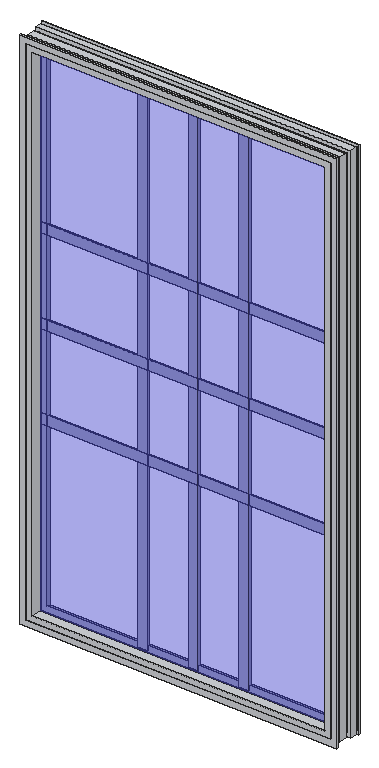
Revit family "3250 Steel Replica_Fixed", category Windows, host Wall, Revit 2023
Family settings
  Host = Wall
  OmniClass Number = 23.30.20.00
  OmniClass Title = Windows
  Always vertical = Yes
  Cut with Voids When Loaded = No
  Shared = No
  Room Calculation Point = No
Parameters
  Vertical Member Length = Height - 0' 1 5/8"  # 4' - 10 3/8"
  Vertical Member Array Vis = yes
  Vertical Member Array = 2
  Single Vertical Member Vis = yes
  Single Horizontal Member Vis = yes
  Rough Width = 3' - 0"
  Keep Horiztonal Member Mid = ((Height - 0' 1 5/8") / 2) - 0' 0 1/8"  # 2' - 5 1/16"
  Horizontal Member Length = Width - 0' 1 5/8"  # 2' - 10 3/8"
  Horizontal Member Array Vis = yes
  Horizontal Member Array = 2
  Height = 5' - 0"
  Glass Material = Glass
  Frame Material = none
  Equal Bay Width = (Width - (Vertical Member Array * 0' 0 1/4") - 0' 1 5/8") / (Vertical Member Array + 1)  # 0' - 11.29167"
  Equal Bay Height = (Height - (Horizontal Member Array * 0' 0 1/4") - 0' 1 5/8") / (Horizontal Member Array + 1)  # 1' - 7.29167"
  Depth From Exterior = 0' - 2"
  Default Sill Height = 3' - 0"
  Wall Closure = By host
  Width = 3' - 0"
Reference planes (in)
  plane 1 "Center (Front/Back)": y = 0
  plane 2: z = 0
  plane 3 "Center (Left/Right)": x = 0
  plane 4 "Left": x = -18
  plane 5 "Right": x = 18
  plane 6 "Sill": z = 36
  plane 7 "Top": z = 96
  plane 8: y = 3
  plane 9: y = 1
  plane 10: y = -2.25
  plane 11: y = 1
  plane 12: y = -2.25
  plane 13: y = -1.1595
  plane 14: y = -0.1595
  plane 15: y = -1.1595
  plane 16: x = 17.18085
  plane 17: x = -17.18085
  plane 18: z = 95.18085
  plane 19: z = 36.81915
  plane 20: y = -0.125
  plane 21: z = 75.88918
  plane 22: z = 56.11082
  plane 23: x = 5.88918
  plane 24: x = -5.88918
  plane 25: x = -0.12786
  plane 26: x = 0.12214
  plane 27: z = 66.11835
Forms (in)
  Sweep 1, solid
    path origin (0, 0, 0) x (1, 0, 0) y (0, 0, 1)
      loop
        line (18, 36) -> (18, 96) -> (-18, 96) -> (-18, 36) -> (18, 36)
    profile origin (0, 0, 36) x (0, 0, -1) y (0, -1, 0)
      loop
        line (-1.34375, 0.125) -> (-0.81915, -1) -> (0, -1) -> (0, -0.875) -> (-0.28125, -0.875) -> (-0.28125, -0.612) -> (-0.12188, -0.612) -> (-0.12188, 0.15578) -> (-0.49675, 0.15578) -> (-0.49675, 0.65625) -> (-0.26375, 0.65625) -> (-0.26375, 1.46854) -> (-0.46875, 1.46854) -> (-0.46875, 2.125) -> (0, 2.125) -> (0, 2.25) -> (-0.71875, 2.25) -> (-0.71875, 0.125) -> (-1.34375, 0.125)
  Sweep 2, solid
    path origin (0, 0, 0) x (1, 0, 0) y (0, 0, 1)
      loop
        line (-17.28125, 36.71875) -> (17.28125, 36.71875) -> (17.28125, 95.28125) -> (-17.28125, 95.28125) -> (-17.28125, 36.71875)
    profile origin (0, 0, 36.71875) x (0, 0, 1) y (0, -1, 0)
      loop
        line (0.625, 2.25) -> (0, 2.25) -> (0, 1.55375) -> (0.21501, 1.55375) -> (0.21501, 1.1595) -> (0.625, 1.1595) -> (0.625, 2.25)
  Sweep 3, solid, material "Glass" <- "Glass Material"
    path origin (0, 0, 0) x (0, 1, 0) y (0, 0, 1)
      loop
        line (-0.39699, 36.71875) -> (-0.39699, 95.28125)
    profile origin (0, -0.39699, 66) x (0, -1, 0) y (1, 0, 0)
      loop
        line (-0.23749, -17.28125) -> (0.01251, -17.28125) -> (0.01251, 17.28125) -> (-0.23749, 17.28125) -> (-0.23749, -17.28125)
      loop
        line (0.51251, -17.28125) -> (0.76251, -17.28125) -> (0.76251, 17.28125) -> (0.51251, 17.28125) -> (0.51251, -17.28125)
Lines and regions (in)
  Opening 1
    outline origin (-60, -3, 0) x (1, 0, 0) y (0, 0, 1)
      loop
        line (42, 96) -> (42, 36) -> (78, 36) -> (78, 96) -> (42, 96)
Text (in)
  text "EXTERIOR" at (-58.6888, 50.90694, 0), in view "Ref. Level"
  text "INTERIOR" at (-58.6888, -37.76638, 0), in view "Ref. Level"
  text "Exterior" at (0, 43.65631, 123.19604), in view "Left"
  text "Exterior" at (0, 18.29385, 125.04747), in view "Right"
Dimensions and locks (in)
  equal spacing: plane 4 "Left", plane 3 "Center (Left/Right)", plane 5 "Right"
  "Height": plane 6 "Sill" to plane 7 "Top"
  "Default Sill Height": plane 2 to plane 6 "Sill"
  "Width": plane 4 "Left" to plane 5 "Right"
  "Depth From Exterior": plane 8 to plane 9
  locked: plane 11 to plane 10 at 3.25
  locked: plane 13 to plane 12 at 1.0905
  locked: plane 14 to plane 15 at 1
  locked: plane 16 to plane 5 "Right" at 0.81915
  locked: plane 4 "Left" to plane 17 at 0.81915
  locked: plane 6 "Sill" to plane 19 at 0.81915
  locked: plane 18 to plane 7 "Top" at 0.81915
  locked: plane 11 to plane 20 at 1.125
  group 1 to group 2 = 0' - 0"  (x2)
  group 2 to group 1 = 1' - 7.52836"
  "Equal Bay Height": plane 21 to plane 18
  "Equal Bay Height": plane 19 to plane 22
  group 4 to group 3 = 0' - 11.52836"
  group 3 to group 4 = 0' - 0"  (x2)
  "Equal Bay Width": plane 23 to plane 16
  "Equal Bay Width": plane 17 to plane 24
  locked: plane 25 to plane 26 at 0.25
  plane 25 to plane 3 "Center (Left/Right)" to plane 26 = 0' - 0.12786" locked, 0' - 0.12214" locked
  "Keep Horiztonal Member Mid": plane 27 to plane 18
  aligned and locked: plane 7 "Top" to Opening 1 sketch curve
  aligned and locked: plane 6 "Sill" to Opening 1 sketch curve  (x2)
  aligned and locked: plane 5 "Right" to Opening 1 sketch curve
  aligned and locked: plane 4 "Left" to Opening 1 sketch curve
  aligned and locked: level to plane 2
  aligned and locked: plane 8 to host wall
  aligned and locked: plane 6 "Sill" to Sweep 1 sketch curve
  aligned and locked: plane 4 "Left" to Sweep 1 sketch curve
  aligned and locked: Sweep 1 sketch curve to plane 7 "Top"
  aligned and locked: Sweep 1 sketch curve to plane 5 "Right"
  aligned and locked: plane 11 to Sweep 1
  aligned and locked: plane 10 to Sweep 1
  aligned and locked: plane 9 to plane 11
  aligned and locked: Sweep 2 sketch curve to Sweep 1  (x4)
  aligned and locked: plane 13 to Sweep 2
  aligned and locked: plane 12 to Sweep 2
  aligned and locked: plane 10 to plane 12
  aligned and locked: Sweep 1 to Sweep 3 sketch curve  (x2)
  aligned and locked: Sweep 3 sketch curve to Sweep 1  (x4)
  aligned and locked: plane 14 to Sweep 3
  aligned and locked: plane 15 to Sweep 3
  aligned and locked: plane 13 to plane 15
  aligned and locked: plane 19 to Sweep 1
  aligned and locked: plane 18 to Sweep 1
  aligned and locked: plane 16 to Sweep 1
  aligned and locked: plane 17 to Sweep 1
  aligned and locked: nested 1 to plane 16
  aligned and locked: plane 20 to Sweep 1
  aligned and locked: plane 20 to nested 1
  aligned and locked: plane 21 to nested 1
  aligned and locked: plane 22 to nested 2
  aligned and locked: Sweep 1 to nested 2
  aligned and locked: nested 3 to plane 19
  aligned and locked: plane 20 to nested 3
  aligned and locked: plane 20 to nested 4
  aligned and locked: plane 23 to nested 3
  aligned and locked: plane 24 to nested 4
  aligned and locked: plane 19 to nested 4
  aligned and locked: plane 26 to nested 5
  aligned and locked: plane 25 to nested 5
  aligned and locked: plane 20 to nested 5
  aligned and locked: plane 19 to nested 5
  aligned and locked: nested 4 to nested 6
  aligned and locked: plane 27 to nested 6
  aligned and locked: Sweep 1 to nested 6
Automatic sketch dimensions
  profile plane to Sweep 1 sketch curve = 0' - 0.81915"
  Sweep 1 sketch curve to Sweep 1 sketch curve = 0' - 0.1004"
  Sweep 1 sketch curve to Sweep 1 sketch curve = 0' - 0.222"
  Sweep 1 sketch curve to Sweep 1 sketch curve = 0' - 0.028"
  Sweep 1 sketch curve to Sweep 1 sketch curve = 0' - 0.5379"
  Sweep 1 sketch curve to Sweep 1 sketch curve = 0' - 0.205"
  Sweep 1 sketch curve to Sweep 1 sketch curve = 0' - 0.15937"
  Sweep 1 sketch curve to Sweep 1 sketch curve = 0' - 0 15/32"
  Sweep 1 sketch curve to Sweep 1 sketch curve = 0' - 0 9/32"
  Sweep 1 sketch curve to plane 1 "Center (Front/Back)" = 0' - 1"
  Sweep 1 sketch curve to Sweep 1 sketch curve = 0' - 0 1/8"  (x2)
  Sweep 1 sketch curve to Sweep 1 sketch curve = 0' - 0.263"
  Sweep 1 sketch curve to Sweep 1 sketch curve = 0' - 0.76778"
  Sweep 1 sketch curve to Sweep 1 sketch curve = 0' - 0.50047"
  Sweep 1 sketch curve to Sweep 1 sketch curve = 0' - 0.81229"
  Sweep 1 sketch curve to Sweep 1 sketch curve = 0' - 0.65646"
  Sweep 1 sketch curve to Sweep 1 sketch curve = 0' - 0 5/8"
  Sweep 1 sketch curve to Sweep 1 sketch curve = 0' - 0.03078"
  Sweep 2 sketch curve to profile plane = 0' - 0"
  Sweep 2 sketch curve to Sweep 2 sketch curve = 0' - 0.21501"
  Sweep 2 sketch curve to Sweep 2 sketch curve = 0' - 0.40999"
  plane 1 "Center (Front/Back)" to Sweep 2 sketch curve = 0' - 1.1595"
  Sweep 2 sketch curve to Sweep 2 sketch curve = 0' - 0.39425"
  Sweep 2 sketch curve to Sweep 2 sketch curve = 0' - 0.69625"
  plane 1 "Center (Front/Back)" to Sweep 3 sketch curve = 0' - 0.39699"
  profile plane to Sweep 3 sketch curve = 0' - 0.23749"
  Sweep 3 sketch curve to Sweep 3 sketch curve = 0' - 0 1/4"  (x2)
  Sweep 3 sketch curve to Sweep 3 sketch curve = 0' - 0 3/4"
Nested families (in)
  nested 1: "Horizontal Member" at (-0.00665, -1.78447, 61.43207), visible <- "Horizontal Member Array Vis", type "Horizontal Member"
    with Horizontal Member Length 2' - 10 3/8"
  nested 2: "Horizontal Member" at (-0.00665, -1.78447, 41.90371), visible <- "Horizontal Member Array Vis", type "Horizontal Member"
    with Horizontal Member Length 2' - 10 3/8"
  nested 3: "Vertical Member" at (1.73579, -0.76797, 66.00665), visible <- "Vertical Member Array Vis", type "Vertical Member"
    with Vertical Member Length 4' - 10 3/8"
  nested 4: "Vertical Member" at (-9.79257, -0.76797, 66.00665), visible <- "Vertical Member Array Vis", type "Vertical Member"
    with Vertical Member Length 4' - 10 3/8"
  nested 5: "Vertical Member" at (-4.03125, -0.76797, 66.00665), visible <- "Single Vertical Member Vis", type "Vertical Member"
    with Vertical Member Length 4' - 10 3/8"
  nested 6: "Horizontal Member" at (-0.00665, -1.78447, 51.66124), type "Horizontal Member"
    with Horizontal Member Length 2' - 10 3/8"
  nested 7: "Horizontal Member" at (-0.00665, -0.78447, 50.65371), type "Horizontal Member", not visible
    with Horizontal Member Length 2' - 10 3/8"
Definition of nested family "Horizontal Member"
  Parameters
    Horizontal Member Length = 3' - 0"
    Default Elevation = 0' - 0"
  Reference planes (in)
    plane 1 "Center (Front/Back)": y = 0
    plane 2: z = 0
    plane 3 "Center (Left/Right)": x = 0
    plane 4: x = -18
    plane 5: x = 18
  Forms (in)
    Sweep 1, solid
      path origin (0, 0, 0) x (1, 0, 0) y (0, 0, 1)
        loop
          line (-18, 14.36574) -> (18, 14.36574)
      profile origin (0, 0, 14.36574) x (0, 0, 1) y (0, -1, 0)
        loop
          line (0.52438, -1.65947) -> (-0.59164, -1.65947) -> (-0.15863, -2.40947) -> (0.09137, -2.40947) -> (0.52438, -1.65947)
  Dimensions and locks (in)
    "Horizontal Member Length": plane 5 to plane 4
    equal spacing: plane 5, plane 3 "Center (Left/Right)", plane 4
    aligned and locked: plane 2 to level
    aligned and locked: plane 4 to Sweep 1 sketch curve
    aligned and locked: plane 5 to Sweep 1 sketch curve
  Automatic sketch dimensions
    level to Sweep 1 sketch curve = 1' - 2.36574"
    profile plane to Sweep 1 sketch curve = 0' - 0.59164"
    profile plane to Sweep 1 sketch curve = 0' - 0.15863"
    Sweep 1 sketch curve to profile plane = 0' - 0.09137"
    Sweep 1 sketch curve to profile plane = 0' - 0.52438"
    Sweep 1 sketch curve to plane 1 "Center (Front/Back)" = 0' - 2.40947"
    Sweep 1 sketch curve to Sweep 1 sketch curve = 0' - 0 3/4"
Definition of nested family "Vertical Member"
  Parameters
    Vertical Member Length = 5' - 0"
    Default Elevation = 0' - 0"
  Reference planes (in)
    plane 1 "Center (Front/Back)": y = 0
    plane 2: z = 0
    plane 3 "Center (Left/Right)": x = 0
    plane 4: z = -30
    plane 5: z = 30
  Forms (in)
    Sweep 1, solid
      path origin (0, 0, 0) x (1, 0, 0) y (0, 0, 1)
        loop
          line (3.04233, 30) -> (3.04233, -30)
      profile origin (3.04233, 0, 0) x (0, -1, 0) y (1, 0, 0)
        loop
          line (-0.64297, 1.54408) -> (-1.39297, 1.11106) -> (-1.39297, 0.86106) -> (-0.64297, 0.42805) -> (-0.64297, 1.54408)
  Dimensions and locks (in)
    "Vertical Member Length": plane 5 to plane 4
    equal spacing: plane 5, level, plane 4
    aligned and locked: plane 2 to level
    aligned and locked: plane 5 to Sweep 1 sketch curve
    aligned and locked: plane 4 to Sweep 1 sketch curve
  Automatic sketch dimensions
    plane 3 "Center (Left/Right)" to Sweep 1 sketch curve = 0' - 3.04233"
    Sweep 1 sketch curve to plane 1 "Center (Front/Back)" = 0' - 1.39297"
    Sweep 1 sketch curve to plane 1 "Center (Front/Back)" = 0' - 0.64297"
    Sweep 1 sketch curve to profile plane = 0' - 0.42805"
    Sweep 1 sketch curve to profile plane = 0' - 0.86106"
    Sweep 1 sketch curve to Sweep 1 sketch curve = 0' - 0 1/4"
    Sweep 1 sketch curve to Sweep 1 sketch curve = 0' - 0.43301"
